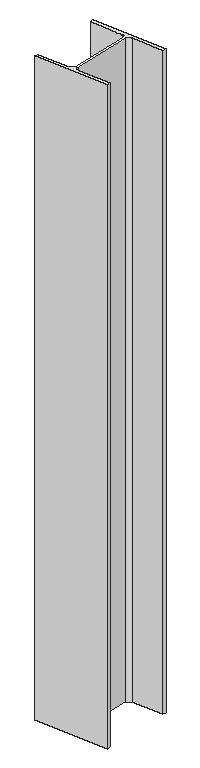
Revit family
Parameters (values of type "305x305x97UC")
  기둥 재료 [instance] = 금속 - 스틸 - 345 MPa
  Assembly Code = ""
  A = 0.012 m²
  Ix = 22250
  M = 96.9
  공칭 h = "305"
  Zx = 1445
  b = 305.3 mm
  h = 307.9 mm
  r = 15.2 mm
  s = 9.9 mm
  t = 15.4 mm
Reference planes
  plane 1: y = 0
  plane 2: z = 0
  plane 3: x = 0
  plane 4: x = -152.65
  plane 5: x = 152.65
  plane 6: y = 153.95
  plane 7: y = -153.95
  plane 8: x = -3.969
  plane 9: x = 3.969
Forms (mm)
  Extrusion 1, solid, material "금속 - 스틸 - 345 MPa" <- "기둥 재료", detail levels medium
    sketch origin (0, 0, 0) x (1, 0, 0) y (0, 1, 0)
      loop
        line (-152.65, 153.95) -> (-152.65, 138.55) -> (-4.95, 138.55) -> (-4.95, -138.55) -> (-152.65, -138.55) -> (-152.65, -153.95) -> (152.65, -153.95) -> (152.65, -138.55) -> (4.95, -138.55) -> (4.95, 138.55) -> (152.65, 138.55) -> (152.65, 153.95) -> (-152.65, 153.95)
    from 0 to 2500
  Extrusion 2, solid, material "금속 - 스틸 - 345 MPa" <- "기둥 재료", detail levels fine
    sketch origin (0, 0, 0) x (1, 0, 0) y (0, 1, 0)
      loop
        line (-152.65, 153.95) -> (-152.65, 138.55) -> (-20.15, 138.55)
        arc (-20.15, 138.55) -> (-9.402, 134.098) -> (-4.95, 123.35) r 15.2
        line (-4.95, 123.35) -> (-4.95, -123.35)
        arc (-4.95, -123.35) -> (-9.402, -134.098) -> (-20.15, -138.55) r 15.2
        line (-20.15, -138.55) -> (-152.65, -138.55) -> (-152.65, -153.95) -> (152.65, -153.95) -> (152.65, -138.55) -> (20.15, -138.55)
        arc (20.15, -138.55) -> (9.402, -134.098) -> (4.95, -123.35) r 15.2
        line (4.95, -123.35) -> (4.95, 123.35)
        arc (4.95, 123.35) -> (9.402, 134.098) -> (20.15, 138.55) r 15.2
        line (20.15, 138.55) -> (152.65, 138.55) -> (152.65, 153.95) -> (-152.65, 153.95)
    from 0 to 2500
Lines and regions (mm)
  symbolic lines, style "StructuralColumnStickSymbols", detail levels coarse
    curve 1: line (-152.65, 153.95, 0) -> (152.65, 153.95, 0)
    curve 2: line (-152.65, -153.95, 0) -> (152.65, -153.95, 0)
    curve 3: line (0, 153.95, 0) -> (0, -153.95, 0)
  symbolic lines, style "숨겨진 면", detail levels medium+fine
    curve 4: line (-3.969, 0, 0) -> (-3.969, 0, 2500)
    curve 5: line (3.969, 0, 2500) -> (3.969, 0, 0)
Dimensions and locks
  equal spacing: plane 4, plane 3, plane 5
  equal spacing: plane 7, plane 1, plane 6
  "h": plane 7 to plane 6
  "b": plane 4 to plane 5
  "t": plane 7 to Extrusion 1 sketch curve
  "t": Extrusion 1 sketch curve to plane 6
  equal spacing: Extrusion 1 sketch curve, plane 3, Extrusion 1 sketch curve
  "s": Extrusion 1 sketch curve to Extrusion 1 sketch curve
  "r": radius of Extrusion 2 sketch curve  (x4)
  aligned and locked: plane 6 to Extrusion 1 sketch curve
  aligned and locked: Extrusion 1 sketch curve to plane 7
  aligned and locked: Extrusion 1 sketch curve to plane 4  (x2)
  aligned and locked: plane 5 to Extrusion 1 sketch curve  (x2)
  aligned and locked: Extrusion 1 sketch curve to Extrusion 1 sketch curve  (x2)
  aligned and locked: level to Extrusion 1
  aligned and locked: level to plane 2
  aligned and locked: Extrusion 1 to plane 2
  aligned and locked: plane 6 to Extrusion 2 sketch curve
  aligned and locked: plane 5 to Extrusion 2 sketch curve  (x2)
  aligned and locked: Extrusion 2 sketch curve to plane 4  (x2)
  aligned and locked: Extrusion 2 sketch curve to Extrusion 1  (x6)
  aligned and locked: Extrusion 2 sketch curve to plane 7
  aligned and locked: level to Extrusion 2
  aligned and locked: Extrusion 2 to level
Automatic sketch dimensions
  curve 2 to plane 4 = 0 mm
  curve 1 to plane 4 = 0 mm
  curve 3 to plane 3 = 0 mm
  curve 2 to plane 5 = 0 mm
  curve 1 to plane 5 = 0 mm
  curve 3 to plane 7 = 0 mm
  curve 3 to plane 6 = 0 mm
  curve 4 to level = 0 mm  (x2)
  curve 4 to plane 8 = 0 mm
  curve 5 to level = 0 mm  (x2)
  curve 5 to plane 9 = 0 mm
